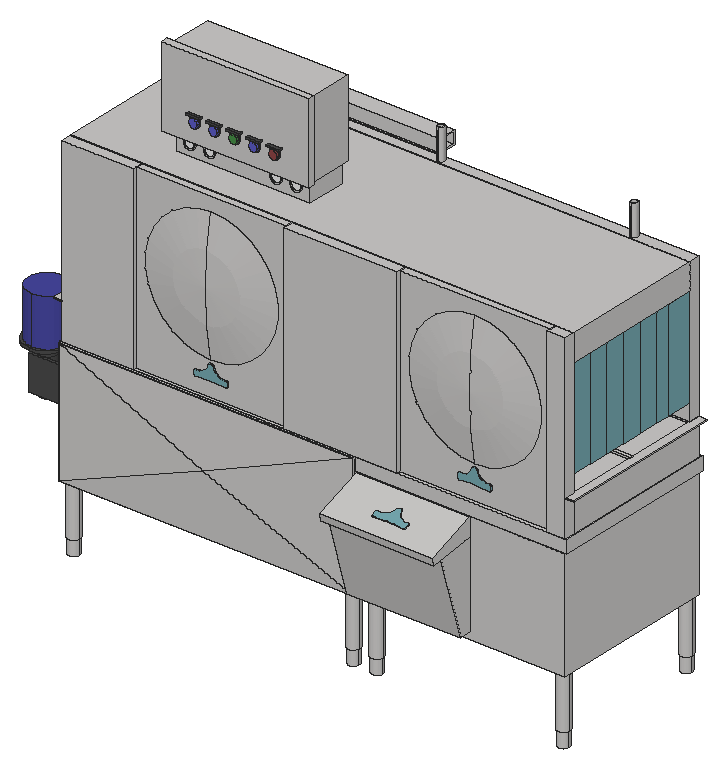
Revit family
Parameters (values of type "208/60/1")
  Width = 6' - 3 1/2"  # constant formula
  Weight in Pounds = 1350
  Watts = 15000 W
  Watermarked By = "http://revitwatermark.com"
  Waste Water Discharge Temperature [instance] = -459.67 °F
  Volts = 208 V
  Ventilation Remarks [instance] = ""
  URL Cutsheet = ""
  URL = "www.stero.com"
  Total Height = 5' - 10 1/2"
  Table Height = 2' - 10"
  Swing Doors [instance] = no
  Status [instance] = ""
  Standard Doors [instance] = not(Swing Doors)  # yes
  Specification by User [instance] = ""
  Specification by Manufacturer = ""
  Single Door Opening [instance] = if(Swing Doors, 2' 0", 1' 10 1/2")  # 1' - 10 1/2"
  Serial Number [instance] = ""
  Seismic Rating [instance] = ""
  SMACNA No [instance] = ""
  Right Ventilation Remarks [instance] = ""
  Right Vent [instance] = no
  Right Exhaust Volume [instance] = if(Right Vent, 200 CFM, 0 CFM)  # 0 CFM
  Right Exhaust Vent Width = 0' - 3 7/8"
  Right Exhaust Vent Text = "Vent, Load End"  # constant formula
  Right Exhaust Vent Depth = 2' - 0 7/8"
  Right Exhaust Static Press = 0.00 in-wg
  Right Exhaust RI Height [instance] = 0' - 0"
  Right Exhaust Item Number [instance] = "-"
  Right Drain [instance] = not(Left Drain)  # yes
  Revision Code [instance] = ""
  Plumbing Remarks [instance] = ""
  Plumbing Connection Type [instance] = ""
  Phase = 1
  Number of Poles [instance] = 1
  NAFEM Spec ID Number [instance] = ""
  Model = "ER-76S"
  Masterspec = ""
  Manufacturer = "Stero"
  Machine Height = 4' - 7 1/2"
  Left Vent [instance] = no
  Left Drain [instance] = no
  Item Number [instance] = "-"
  Installed By [instance] = ""
  Indirect Waste Size = 2"
  Indirect Waste Flow [instance] = 0.00 GPM
  Indirect Waste Connection Type [instance] = ""
  Indirect Waste Connection Height = 0' - 6"
  Hot Water Usage Rack = "0.5 Gal/Rack"
  Hot Water Usage = "118 GPH"
  Hot Water Temperature = 180 °F
  Hot Water Size = 3/4"
  Hot Water RI Height [instance] = 0' - 0"
  Hot Water Minimum Pressure = 20.00 psi
  Hot Water Maximum Pressure = 20.00 psi
  Hot Water Flow = 1.97 GPM
  Hot Water Consumption = 1.97 GPM
  Hot Water Connection Height = 5' - 0"
  HP = "3.58"  # constant formula
  Furnished By [instance] = ""
  Foodservice Equipment Identifier [instance] = yes
  FL Amps = 54.2 A
  Exhaust Volume [instance] = if(Left Vent, 400 CFM, 0 CFM)  # 0 CFM
  Exhaust Vent Width = 0' - 3 7/8"
  Exhaust Vent Text = "Vent, Unload End"  # constant formula
  Exhaust Vent Depth = 2' - 0 7/8"
  Exhaust Static Press = 0.00 in-wg
  Exhaust RI Height [instance] = 0' - 0"
  Electrical Remarks [instance] = ""
  Electric Connection Type [instance] = ""
  Elec Conn RI Height [instance] = 0' - 0"
  Elec Conn Connection Height = 5' - 8 1/2"
  Double Door Opening [instance] = if(Swing Doors, 3' 0", 1' 10 1/2")  # 1' - 10 1/2"
  Description = "Dishwasher, Conveyor"
  Depth = 2' - 1"
  Cycle = 60 Hz
  Conn Conduit = yes
  Cold Water Temperature Recommended [instance] = -459.67 °F
  Cold Water Size = 3/4"
  Cold Water RI Height [instance] = 0' - 0"
  Cold Water Minimum Pressure [instance] = 0.00 psi
  Cold Water Maximum Pressure [instance] = 0.00 psi
  Cold Water Flow [instance] = 0.00 GPM
  Cold Water Consumption [instance] = ""
  Cold Water Connection Height = 5' - 0"
  CSI MasterFormat = "11 48 13"
  Building Plumbing Remarks [instance] = ""
  Building Hot Water Temperature = 140 °F
  Building Hot Water Size = 3/4"
  Building Hot Water RI Height [instance] = 0' - 0"
  Building Hot Water Minimum Pressure = 20.00 psi
  Building Hot Water Maximum Pressure = 20.00 psi
  Building Hot Water Flow [instance] = 0.00 GPM
  Building Hot Water Consumption [instance] = 0.00 GPM
  Building Hot Water Connection Height = 5' - 0"
  Building HW Item Number [instance] = "-"
  Assembly Code = "E1090320"
  Apparent Power = if(Phase = 3, Volts * FL Amps * 1.73, Volts * FL Amps)  # 11273.6 VA
Reference planes (in)
  plane 1: z = 0
  plane 2 "LEFT": x = 2.32772
  plane 3 "BACK": y = -48
  plane 4 "TOP": z = 70.5
  plane 5 "Right of 44 Top": x = 46.32772
  plane 6 "FRONT": y = -73
  plane 7 "Bottom of Machine": z = 10
  plane 8 "Table Height": z = 34
  plane 9 "Top of Machine": z = 55.5
  plane 10 "Panel Top": z = 28.5
  plane 11: z = 12
  plane 12: y = -73.5
  plane 13: y = -47.5
  plane 14: x = 2.07772
  plane 15 "Right of Bottom": x = 46.57772
  plane 16: y = -49.625
  plane 17: y = -71.375
  plane 18 "Door Center": x = 24.32772
  plane 19: x = 13.07772
  plane 20: x = 35.57772
  plane 21 "Top of Opening": z = 51.5
  plane 22: z = 2.25
  plane 23: x = 14.32772
  plane 24: x = 34.32772
  plane 25: x = 13.32772
  plane 26: x = 35.32772
  plane 27 "Front of Lower Panel": y = -66.5
  plane 28: y = -60.5
  plane 29: y = -67
  plane 30 "Back of Panel": y = -60
  plane 31 "Front of Upper Panel": y = -68
  plane 32: x = 13.82772
  plane 33: x = 34.82772
  plane 34: y = -48.0625
  plane 35: y = -72.9375
  plane 36 "Top of Vents": z = 59.5
  plane 37: x = 9.82772
  plane 38: x = 38.82772
  plane 39: y = -45
  plane 40: z = 57.5
  plane 41: y = -43
  plane 42: z = 84.5
  plane 43: x = -7.67228
  plane 44: x = -0.73478
  plane 45: x = -7.54728
  plane 46: x = -4.60978
  plane 47: z = 13.625
  plane 48: z = 8.5
  plane 49 "Drain": y = -51
  plane 50: y = -80
  plane 51: x = 87.82772
  plane 52: x = 80.89022
  plane 53: x = 87.70272
  plane 54: x = 84.76522
  plane 55: x = 52.64022
  plane 56: x = 75.14022
  plane 57: x = 63.57772
  plane 58 "RIGHT": x = 77.82772
  plane 59: x = 2.57772
  plane 60: x = 1.07772
  plane 61: x = 77.57772
  plane 62: x = 78.07772
  plane 63: x = 79.07772
  plane 64: x = 35.32772
  plane 65: x = 74.89022
  plane 66: x = 13.32772
  plane 67: x = 52.89022
  plane 68: x = 22.89022
  plane 69: x = 24.26522
  plane 70: x = 24.39022
  plane 71: x = 25.76522
  plane 72: x = 54.07772
Forms (in)
  Extrusion 1, solid, material "QF_Finishes_Stainless Steel"
    sketch origin (0, 0, 10) x (0, 1, 0) y (-1, 0, 0)
      loop
        line (-47.5, -2.07772) -> (-73, -2.07772) -> (-73, -46.57772) -> (-47.5, -46.57772) -> (-47.5, -2.07772)
    from 0 to 2
  Extrusion 2, solid, material "QF_Finishes_Stainless Steel"
    sketch origin (0, 0, 28.5) x (0, 1, 0) y (-1, 0, 0)
      loop
        line (-48, -2.32772) -> (-73, -2.32772) -> (-73, -46.32772) -> (-48, -46.32772) -> (-48, -2.32772)
    from 0 to -16.5
  Extrusion 3, solid, material "QF_Finishes_Stainless Steel"
    sketch origin (0, 0, 34) x (0, 1, 0) y (-1, 0, 0)
      loop
        line (-48, -2.32772) -> (-71.375, -2.32772) -> (-71.375, -77.82772) -> (-48, -77.82772) -> (-48, -2.32772)
    from -0.25 to -5.5
  Extrusion 4, solid, material "QF_Finishes_Stainless Steel"
    sketch origin (0, 0, 34) x (0, 1, 0) y (-1, 0, 0)
      loop
        line (-60.25, -2.32772) -> (-60.75, -2.32772) -> (-60.75, -77.82772) -> (-60.25, -77.82772) -> (-60.25, -2.32772)
      loop
        line (-48, -2.32772) -> (-49.625, -2.32772) -> (-49.625, -77.82772) -> (-48, -77.82772) -> (-48, -2.32772)
    from 0 to -0.25
  Extrusion 5, solid, material "QF_Finishes_Stainless Steel"
    sketch origin (0, 0, 55.5) x (0, 1, 0) y (-1, 0, 0)
      loop
        line (-49.625, -2.32772) -> (-71.375, -2.32772) -> (-71.375, -77.82772) -> (-49.625, -77.82772) -> (-49.625, -2.32772)
    from 0 to -4
  Extrusion 6, solid, material "QF_Finishes_Stainless Steel"
    sketch origin (0, 0, 55.5) x (0, 1, 0) y (-1, 0, 0)
      loop
        line (-48, -2.32772) -> (-49.625, -2.32772) -> (-49.625, -77.82772) -> (-48, -77.82772) -> (-48, -2.32772)
    from 0 to -21.5
  Extrusion 7, solid, material "QF_Finishes_Stainless Steel"
    sketch origin (0, -73, 0) x (-1, 0, 0) y (0, 0, 1)
      loop
        line (-2.32772, 55.5) -> (-13.07772, 55.5) -> (-13.07772, 28.5) -> (-2.32772, 28.5) -> (-2.32772, 55.5)
    from 0 to 1.625
  Blend 8, solid, material "QF_Finishes_Stainless Steel"
    base sketch origin (-15.01335, -74, 48) x (-1, 0, 0) y (0, 0, 1)
      loop
        line (-17.34107, -19.5) -> (-61.34107, -19.5) -> (-61.34107, -38) -> (-17.34107, -38) -> (-17.34107, -19.5)
    top sketch origin (-15.01335, -74, 48) x (-1, 0, 0) y (0, 0, 1)
      loop
        line (-39.37232, -28.71875) -> (-39.37232, -28.78125) -> (-39.30982, -28.78125) -> (-39.30982, -28.71875) -> (-39.37232, -28.71875)
    from 0.5 to 0
  Extrusion 9, solid, material "QF_Finishes_Stainless Steel"
    sketch origin (0, 0, 10) x (0, 1, 0) y (-1, 0, 0)
      loop
        line (-73, -2.32772) -> (-73.5, -2.32772) -> (-73.5, -46.32772) -> (-73, -46.32772) -> (-73, -2.32772)
    from 0 to 18.5
  Extrusion 10, solid, material "QF_Finishes_Stainless Steel"
    sketch origin (0, -73, 0) x (-1, 0, 0) y (0, 0, 1)
      loop
        line (-35.57772, 55.5) -> (-52.64022, 55.5) -> (-52.64022, 28.5) -> (-35.57772, 28.5) -> (-35.57772, 55.5)
    from 0 to 1.625
  Extrusion 11, solid, material "QF_Finishes_Stainless Steel", visible <- "Standard Doors"
    sketch origin (0, 0, 55.5) x (0, 1, 0) y (-1, 0, 0)
      loop
        line (-71.375, -13.07772) -> (-72.5, -13.07772) -> (-72.5, -35.57772) -> (-71.375, -35.57772) -> (-71.375, -13.07772)
    from 0 to -27
  Revolve 12, solid, material "QF_Finishes_Stainless Steel", visible <- "Standard Doors"
    sketch origin (24.32772, 0, 0) x (0, 1, 0) y (0, 0, 1)
      loop
        line (-72.5, 43.5) -> (-72.5, 53.5)
        arc (-72.5, 53.5) -> (-73.26244, 48.52624) -> (-73.5, 43.5) r 48
        line (-73.5, 43.5) -> (-72.5, 43.5)
      axis (-72.5, 43.5) -> (-73.5, 43.5)
    angle from 0 to 360
  Extrusion 13, solid, material "QF_Finishes_Stainless Steel"
    sketch origin (0, 0, 0) x (1, 0, 0) y (0, 1, 0)
      loop
        circle (3.32772, -49) r 0.8125
    from 0 to 2.25
  Extrusion 14, solid, material "QF_Finishes_Stainless Steel"
    sketch origin (0, 0, 0) x (1, 0, 0) y (0, 1, 0)
      loop
        circle (3.32772, -49) r 0.9375
    from 2.25 to 10
  Extrusion 15, solid, material "QF_Finishes_Stainless Steel"
    sketch origin (48.65544, 0, 0) x (-1, 0, 0) y (0, -1, 0)
      loop
        circle (3.32772, 49) r 0.8125
    from 0 to 2.25
  Extrusion 16, solid, material "QF_Finishes_Stainless Steel"
    sketch origin (48.65544, 0, 0) x (-1, 0, 0) y (0, -1, 0)
      loop
        circle (3.32772, 49) r 0.9375
    from 2.25 to 10
  Extrusion 17, solid, material "QF_Finishes_Stainless Steel"
    sketch origin (0, -121, 0) x (1, 0, 0) y (0, 1, 0)
      loop
        circle (3.32772, 49) r 0.8125
    from 0 to 2.25
  Extrusion 18, solid, material "QF_Finishes_Stainless Steel"
    sketch origin (0, -121, 0) x (1, 0, 0) y (0, 1, 0)
      loop
        circle (3.32772, 49) r 0.9375
    from 2.25 to 10
  Extrusion 19, solid, material "QF_Finishes_Stainless Steel"
    sketch origin (48.65544, -121, 0) x (-1, 0, 0) y (0, -1, 0)
      loop
        circle (3.32772, -49) r 0.8125
    from 0 to 2.25
  Extrusion 20, solid, material "QF_Finishes_Stainless Steel"
    sketch origin (48.65544, -121, 0) x (-1, 0, 0) y (0, -1, 0)
      loop
        circle (3.32772, -49) r 0.9375
    from 2.25 to 10
  Extrusion 21, solid, material "QF_Finishes_Stainless Steel"
    sketch origin (0, 0, 55.5) x (0, 1, 0) y (-1, 0, 0)
      loop
        line (-60.5, -14.32772) -> (-66.5, -14.32772) -> (-66.5, -34.32772) -> (-60.5, -34.32772) -> (-60.5, -14.32772)
    from 0 to 3.5
  Extrusion 22, solid, material "QF_Finishes_Stainless Steel"
    sketch origin (0, 0, 55.5) x (0, 1, 0) y (-1, 0, 0)
      loop
        line (-60, -13.82772) -> (-67, -13.82772) -> (-67, -34.82772) -> (-60, -34.82772) -> (-60, -13.82772)
    from 3 to 14.5
  Extrusion 23, solid, material "QF_Finishes_Stainless Steel"
    sketch origin (0, 0, 55.5) x (0, 1, 0) y (-1, 0, 0)
      loop
        line (-67, -13.32772) -> (-68, -13.32772) -> (-68, -35.32772) -> (-67, -35.32772) -> (-67, -13.32772)
    from 3 to 15
  Extrusion 24, solid, material "QF_Finishes_Stainless Steel"
    sketch origin (0, -66.5, 0) x (-1, 0, 0) y (0, 0, 1)
      loop
        circle (-16.32772, 57.25) r 0.75
      loop
        circle (-16.32772, 57.25) r 0.875
    from 0 to -0.125
  Extrusion 25, solid, material "QF_Finishes_White"
    sketch origin (0, -66.5, 0) x (-1, 0, 0) y (0, 0, 1)
      loop
        circle (-16.32772, 57.25) r 0.75
    from 0 to -0.0625
  Extrusion 26, solid, material "QF_Finishes_Stainless Steel"
    sketch origin (48.65544, -66.5, 0) x (1, 0, 0) y (0, 0, -1)
      loop
        circle (-16.32772, -57.25) r 0.75
      loop
        circle (-16.32772, -57.25) r 0.875
    from 0 to -0.125
  Extrusion 27, solid, material "QF_Finishes_White"
    sketch origin (48.65544, -66.5, 0) x (1, 0, 0) y (0, 0, -1)
      loop
        circle (-16.32772, -57.25) r 0.75
    from 0 to -0.0625
  Extrusion 28, solid, material "QF_Finishes_Black"
    sketch origin (1.5, -68, 0) x (-1, 0, 0) y (0, 0, 1)
      loop
        line (-23.82772, 62.5) -> (-23.82772, 62.25) -> (-21.82772, 62.25) -> (-21.82772, 62.5) -> (-23.82772, 62.5)
      loop
        line (-20.82772, 62.5) -> (-20.82772, 62.25) -> (-18.82772, 62.25) -> (-18.82772, 62.5) -> (-20.82772, 62.5)
      loop
        line (-24.82772, 62.5) -> (-26.82772, 62.5) -> (-26.82772, 62.25) -> (-24.82772, 62.25) -> (-24.82772, 62.5)
      loop
        line (-27.82772, 62.5) -> (-29.82772, 62.5) -> (-29.82772, 62.25) -> (-27.82772, 62.25) -> (-27.82772, 62.5)
      loop
        line (-17.82772, 62.5) -> (-17.82772, 62.25) -> (-15.82772, 62.25) -> (-15.82772, 62.5) -> (-17.82772, 62.5)
    from 0 to -0.5
  Extrusion 29, solid, material "QF_Finishes_Navy Blue"
    sketch origin (1.5, -68, 0) x (-1, 0, 0) y (0, 0, 1)
      loop
        circle (-19.82772, 61.375) r 0.625
    from -0.125 to -0.375
  Extrusion 30, solid, material "QF_Finishes_LED Green"
    sketch origin (4.5, -68, 0) x (-1, 0, 0) y (0, 0, 1)
      loop
        circle (-19.82772, 61.375) r 0.625
    from -0.125 to -0.375
  Extrusion 31, solid, material "QF_Finishes_Navy Blue"
    sketch origin (7.5, -68, 0) x (-1, 0, 0) y (0, 0, 1)
      loop
        circle (-19.82772, 61.375) r 0.625
    from -0.125 to -0.375
  Extrusion 32, solid, material "QF_Finishes_LED Red"
    sketch origin (10.5, -68, 0) x (-1, 0, 0) y (0, 0, 1)
      loop
        circle (-19.82772, 61.375) r 0.625
    from -0.125 to -0.375
  Extrusion 33, solid, material "QF_Finishes_Black"
    sketch origin (1.5, -68, 0) x (-1, 0, 0) y (0, 0, 1)
      loop
        arc (-20.57772, 61.375) -> (-19.82772, 60.625) -> (-19.07772, 61.375) r 0.75
        line (-19.07772, 61.375) -> (-19.07772, 62.25) -> (-20.57772, 62.25) -> (-20.57772, 61.375)
      loop
        arc (-23.57772, 61.375) -> (-22.82772, 60.625) -> (-22.07772, 61.375) r 0.75
        line (-22.07772, 61.375) -> (-22.07772, 62.25) -> (-23.57772, 62.25) -> (-23.57772, 61.375)
      loop
        arc (-26.57772, 61.375) -> (-25.82772, 60.625) -> (-25.07772, 61.375) r 0.75
        line (-25.07772, 61.375) -> (-25.07772, 62.25) -> (-26.57772, 62.25) -> (-26.57772, 61.375)
      loop
        arc (-29.57772, 61.375) -> (-28.82772, 60.625) -> (-28.07772, 61.375) r 0.75
        line (-28.07772, 61.375) -> (-28.07772, 62.25) -> (-29.57772, 62.25) -> (-29.57772, 61.375)
      loop
        arc (-17.57772, 61.375) -> (-16.82772, 60.625) -> (-16.07772, 61.375) r 0.75
        line (-16.07772, 61.375) -> (-16.07772, 62.25) -> (-17.57772, 62.25) -> (-17.57772, 61.375)
    from 0 to -0.125
  Extrusion 34, solid, material "QF_Finishes_Light Blue", visible <- "Standard Doors"
    sketch origin (0, -73, 0) x (-1, 0, 0) y (0, 0, 1)
      loop
        line (-23.71645, 30.65632) -> (-22.08461, 30.57309)
        arc (-22.08461, 30.57309) -> (-21.90443, 30.64773) -> (-21.82979, 30.82792) r 0.25483
        line (-21.82979, 30.82792) -> (-21.82979, 31.31285)
        arc (-21.82979, 31.31285) -> (-21.90343, 31.49062) -> (-22.08121, 31.56426) r 0.25142
        arc (-22.08121, 31.56426) -> (-23.22593, 31.7803) -> (-23.90311, 32.72819) r 1.56264
        arc (-23.90311, 32.72819) -> (-24.31726, 33.06213) -> (-24.74741, 32.74907) r 0.43733
        arc (-24.74741, 32.74907) -> (-25.42049, 31.78611) -> (-26.57423, 31.56426) r 1.56264
        arc (-26.57423, 31.56426) -> (-26.75201, 31.49062) -> (-26.82565, 31.31285) r 0.25142
        line (-26.82565, 31.31285) -> (-26.82565, 30.82792)
        arc (-26.82565, 30.82792) -> (-26.75101, 30.64773) -> (-26.57082, 30.57309) r 0.25483
        line (-26.57082, 30.57309) -> (-24.93898, 30.65632)
        arc (-24.93898, 30.65632) -> (-24.32772, 30.6719) -> (-23.71645, 30.65632) r 12
    from 0.5 to 0.4375
  Extrusion 35, solid, material "QF_Finishes_Stainless Steel"
    sketch origin (0, 0, 55.5) x (0, 1, 0) y (-1, 0, 0)
      loop
        circle (-48.75, -11.32772) r 0.375
      loop
        circle (-48.75, -11.32772) r 0.5
    from 0 to 4.5
  Extrusion 36, solid, material "QF_Finishes_Stainless Steel"
    sketch origin (2.32772, 0, 0) x (0, 1, 0) y (0, 0, 1)
      loop
        line (-45, 57.5) -> (-47.75, 57.5) -> (-47.75, 55.5) -> (-45, 55.5) -> (-45, 57.5)
      loop
        line (-45.125, 57.375) -> (-47.625, 57.375) -> (-47.625, 55.625) -> (-45.125, 55.625) -> (-45.125, 57.375)
    from 7.5 to 36.5
  Extrusion 37, solid, material "QF_Finishes_Stainless Steel"
    sketch origin (2.32772, 0, 0) x (0, 1, 0) y (0, 0, 1)
      loop
        line (-47.75, 55.5) -> (-47.75, 55.625) -> (-48, 55.625) -> (-48, 55.5) -> (-47.75, 55.5)
    from 7.5 to 36.5
  Extrusion 38, solid, material "QF_Finishes_Stainless Steel"
    sketch origin (0, -60, 0) x (-1, 0, 0) y (0, 0, 1)
      loop
        circle (-34.32772, 68.5) r 0.25
    from 0 to 0.0625
  Extrusion 39, solid, material "QF_Finishes_Stainless Steel"
    sketch origin (0, -1, 10) x (0, 1, 0) y (-1, 0, 0)
      loop
        circle (-50, -30.32772) r 1
      loop
        circle (-50, -30.32772) r 1.125
    from 0 to -4
  Extrusion 40, solid, material "QF_Finishes_Clearance", detail levels coarse
    sketch origin (0, 0, 0) x (1, 0, 0) y (0, 1, 0)
      loop
        line (1.07772, -47.5) -> (9.82772, -47.5) -> (9.82772, -45) -> (38.82772, -45) -> (38.82772, -47.5) -> (79.07772, -47.5) -> (79.07772, -43) -> (1.07772, -43) -> (1.07772, -47.5)
    from 0 to 70.5
  Extrusion 41, solid, material "QF_Finishes_Clearance", visible <- "Standard Doors", detail levels coarse
    sketch origin (0, -73, 0) x (-1, 0, 0) y (0, 0, 1)
      loop
        line (-13.07772, 84.5) -> (-35.57772, 84.5) -> (-35.57772, 55.5) -> (-13.07772, 55.5) -> (-13.07772, 84.5)
    from 0 to 1.625
  Extrusion 42, solid, material "QF_Finishes_Stainless Steel"
    sketch origin (3, -66.5, 0) x (-1, 0, 0) y (0, 0, 1)
      loop
        circle (-16.32772, 57.25) r 0.75
      loop
        circle (-16.32772, 57.25) r 0.875
    from 0 to -0.125
  Extrusion 43, solid, material "QF_Finishes_White"
    sketch origin (3, -66.5, 0) x (-1, 0, 0) y (0, 0, 1)
      loop
        circle (-16.32772, 57.25) r 0.75
    from 0 to -0.0625
  Extrusion 44, solid, material "QF_Finishes_Stainless Steel"
    sketch origin (45.65544, -66.5, 0) x (1, 0, 0) y (0, 0, -1)
      loop
        circle (-16.32772, -57.25) r 0.75
      loop
        circle (-16.32772, -57.25) r 0.875
    from 0 to -0.125
  Extrusion 45, solid, material "QF_Finishes_White"
    sketch origin (45.65544, -66.5, 0) x (1, 0, 0) y (0, 0, -1)
      loop
        circle (-16.32772, -57.25) r 0.75
    from 0 to -0.0625
  Extrusion 46, solid, material "QF_Finishes_Stainless Steel", visible <- "Left Vent"
    sketch origin (2.32772, 0, 0) x (0, 1, 0) y (0, 0, 1)
      loop
        line (-73, 55.5) -> (-73, 39.125) -> (-71.375, 37.5) -> (-71.375, 37.67678) -> (-72.875, 39.17678) -> (-72.875, 55.375) -> (-48.125, 55.375) -> (-48.125, 50.61428) -> (-49.625, 49.11428) -> (-49.625, 48.9375) -> (-48, 50.5625) -> (-48, 55.5) -> (-73, 55.5)
    from 0 to -9.875
  Extrusion 47, solid, material "QF_Finishes_Stainless Steel", visible <- "Left Vent"
    sketch origin (-7.67228, 0, 0) x (0, 1, 0) y (0, 0, 1)
      loop
        line (-71.375, 37.5) -> (-71.375, 51.5) -> (-49.625, 51.5) -> (-49.625, 48.9375) -> (-48, 50.5625) -> (-48, 55.5) -> (-73, 55.5) -> (-73, 39.125) -> (-71.375, 37.5)
    from 0 to 0.125
  Extrusion 48, solid, material "QF_Finishes_Stainless Steel", visible <- "Left Vent"
    sketch origin (-0.25, 0, 55.5) x (0, 1, 0) y (-1, 0, 0)
      loop
        line (-48.0625, 4.35978) -> (-72.9375, 4.35978) -> (-72.9375, 0.48478) -> (-48.0625, 0.48478) -> (-48.0625, 4.35978)
      loop
        line (-48.1875, 4.23478) -> (-72.8125, 4.23478) -> (-72.8125, 0.60978) -> (-48.1875, 0.60978) -> (-48.1875, 4.23478)
    from 0 to 4
  Extrusion 49, solid, material "QF_Finishes_Clearance", visible <- "Left Vent", detail levels coarse
    sketch origin (-0.25, 0, 0) x (1, 0, 0) y (0, 1, 0)
      loop
        line (-7.42228, -43) -> (-7.42228, -47.5) -> (1.32772, -47.5) -> (1.32772, -43) -> (-7.42228, -43)
    from 0 to 70.5
  Extrusion 50, solid, material "QF_Finishes_Stainless Steel"
    sketch origin (0, 0, 26.5) x (0, 1, 0) y (-1, 0, 0)
      loop
        line (-47.5, -2.07772) -> (-73, -2.07772) -> (-73, -78.07772) -> (-47.5, -78.07772) -> (-47.5, -2.07772)
    from 0 to 2
  Extrusion 51, solid, material "QF_Finishes_Light Blue"
    sketch origin (48.65544, 0, 51.5) x (0, 1, 0) y (-1, 0, 0)
      loop
        line (-49.625, 46.32772) -> (-53.625, 46.32772) -> (-53.625, 46.20272) -> (-49.625, 46.20272) -> (-49.625, 46.32772)
      loop
        line (-53.75, 46.32772) -> (-55.75, 46.32772) -> (-55.75, 46.20272) -> (-53.75, 46.20272) -> (-53.75, 46.32772)
      loop
        line (-55.875, 46.32772) -> (-58.875, 46.32772) -> (-58.875, 46.20272) -> (-55.875, 46.20272) -> (-55.875, 46.32772)
      loop
        line (-59, 46.32772) -> (-62, 46.32772) -> (-62, 46.20272) -> (-59, 46.20272) -> (-59, 46.32772)
      loop
        line (-62.125, 46.32772) -> (-65.125, 46.32772) -> (-65.125, 46.20272) -> (-62.125, 46.20272) -> (-62.125, 46.32772)
      loop
        line (-65.25, 46.32772) -> (-68.25, 46.32772) -> (-68.25, 46.20272) -> (-65.25, 46.20272) -> (-65.25, 46.32772)
      loop
        line (-68.375, 46.32772) -> (-71.375, 46.32772) -> (-71.375, 46.20272) -> (-68.375, 46.20272) -> (-68.375, 46.32772)
    from 0 to -15
  Extrusion 52, solid, material "QF_Finishes_Navy Blue"
    sketch origin (-1.5, -68, 0) x (-1, 0, 0) y (0, 0, 1)
      loop
        circle (-19.82772, 61.375) r 0.625
    from -0.125 to -0.375
  Extrusion 53, solid, material "QF_Finishes_Stainless Steel"
    sketch origin (-30, 0, 55.5) x (0, 1, 0) y (-1, 0, 0)
      loop
        circle (-48.75, -69.82772) r 0.375
      loop
        circle (-48.75, -69.82772) r 0.5
    from 0 to 4.5
  Extrusion 54, solid, material "QF_Finishes_Stainless Steel"
    sketch origin (3.25, 0, 55.5) x (0, 1, 0) y (-1, 0, 0)
      loop
        circle (-48.75, -65.57772) r 0.375
      loop
        circle (-48.75, -65.57772) r 0.5
    from 0 to 4.5
  Extrusion 55, solid, material "QF_Finishes_Stainless Steel"
    sketch origin (32.6875, 0, 10) x (0, 1, 0) y (-1, 0, 0)
      loop
        circle (-51, -16.76522) r 1
      loop
        circle (-51, -16.76522) r 1.125
    from -1.5 to -4
  Extrusion 56, solid, material "QF_Finishes_Stainless Steel", visible <- "Left Drain"
    sketch origin (53, 0, 0) x (1, 0, 0) y (0, 1, 0)
      loop
        circle (-3.54728, -51) r 1
    from 6 to 6.25
  Extrusion 57, solid, material "QF_Finishes_Stainless Steel", visible <- "Right Drain"
    sketch origin (0, -1, 0) x (1, 0, 0) y (0, 1, 0)
      loop
        circle (30.32772, -50) r 1
    from 6 to 6.25
  Extrusion 58, solid, material "QF_Finishes_Stainless Steel", visible <- "Right Vent"
    sketch origin (77.82772, 0, 0) x (0, -1, 0) y (0, 0, 1)
      loop
        line (73, 55.5) -> (48, 55.5) -> (48, 50.5625) -> (49.625, 48.9375) -> (49.625, 49.11428) -> (48.125, 50.61428) -> (48.125, 55.375) -> (72.875, 55.375) -> (72.875, 39.17678) -> (71.375, 37.67678) -> (71.375, 37.5) -> (73, 39.125) -> (73, 55.5)
    from 0 to -9.875
  Extrusion 59, solid, material "QF_Finishes_Stainless Steel", visible <- "Right Vent"
    sketch origin (87.82772, 0, 0) x (0, 1, 0) y (0, 0, 1)
      loop
        line (-71.375, 37.5) -> (-71.375, 51.5) -> (-49.625, 51.5) -> (-49.625, 48.9375) -> (-48, 50.5625) -> (-48, 55.5) -> (-73, 55.5) -> (-73, 39.125) -> (-71.375, 37.5)
    from 0 to -0.125
  Extrusion 60, solid, material "QF_Finishes_Stainless Steel", visible <- "Right Vent"
    sketch origin (80.40544, 0, 55.5) x (0, 1, 0) y (-1, 0, 0)
      loop
        line (-48.0625, -4.35978) -> (-48.0625, -0.48478) -> (-72.9375, -0.48478) -> (-72.9375, -4.35978) -> (-48.0625, -4.35978)
      loop
        line (-48.1875, -4.23478) -> (-48.1875, -0.60978) -> (-72.8125, -0.60978) -> (-72.8125, -4.23478) -> (-48.1875, -4.23478)
    from 0 to 4
  Extrusion 61, solid, material "QF_Finishes_Clearance", visible <- "Right Vent", detail levels coarse
    sketch origin (31.75, 0, 0) x (1, 0, 0) y (0, 1, 0)
      loop
        line (47.32772, -43) -> (47.32772, -47.5) -> (56.07772, -47.5) -> (56.07772, -43) -> (47.32772, -43)
    from 0 to 70.5
  Extrusion 62, solid, material "QF_Finishes_Black"
    sketch origin (5.65544, -73, 0) x (1, 0, 0) y (0, 0, -1)
      loop
        line (-3.57772, -12) -> (-3.57772, -10.9375) -> (-4.70272, -10.9375) -> (-4.70272, -23.9375) -> (-3.32772, -23.9375) -> (-3.32772, -12) -> (-3.57772, -12)
    from 1.8125 to 7.8125
  Extrusion 63, solid, material "QF_Finishes_Black"
    sketch origin (5.65544, 0, 10) x (0, 1, 0) y (-1, 0, 0)
      loop
        arc (-66.875, 9.32772) -> (-68.1875, 8.01522) -> (-69.5, 9.32772) r 1.3125
        line (-69.5, 9.32772) -> (-69.5, 4.95272) -> (-66.875, 4.95272) -> (-66.875, 9.32772)
      loop
        line (-69.75, 10.95272) -> (-69.75, 4.70272) -> (-66.625, 4.70272) -> (-66.625, 10.95272) -> (-69.75, 10.95272)
    from 7.6875 to 12.9375
  Extrusion 64, solid, material "QF_Finishes_Black"
    sketch origin (5.65544, 0, 10) x (0, 1, 0) y (-1, 0, 0)
      loop
        circle (-68.1875, 9.32772) r 1.0625
    from 7.1875 to 7.6875
  Extrusion 65, solid, material "QF_Finishes_Black"
    sketch origin (5.65544, 0, 10) x (0, 1, 0) y (-1, 0, 0)
      loop
        circle (-68.1875, 9.32772) r 1.3125
    from 12.9375 to 13.4375
  Blend 66, solid, material "QF_Finishes_Black"
    base sketch origin (5.65544, 0, 10) x (0, 1, 0) y (-1, 0, 0)
      loop
        circle (-68.1875, 9.32772) r 1.3125
    top sketch origin (5.65544, 0, 10) x (0, 1, 0) y (-1, 0, 0)
      loop
        circle (-68.1875, 9.32772) r 2.0625
    from 13.4375 to 14.4375
  Extrusion 67, solid, material "QF_Finishes_Black"
    sketch origin (5.65544, 0, 10) x (0, 1, 0) y (-1, 0, 0)
      loop
        circle (-68.1875, 9.32772) r 3.25
    from 14.4375 to 14.8125
  Extrusion 68, solid, material "QF_Finishes_Blue"
    sketch origin (5.65544, 0, 10) x (0, 1, 0) y (-1, 0, 0)
      loop
        circle (-68.1875, 9.32772) r 2.875
    from 14.8125 to 21.9375
  Extrusion 69, solid, material "QF_Finishes_Black"
    sketch origin (5.65544, -73, 0) x (1, 0, 0) y (0, 0, -1)
      loop
        line (-3.32772, -33.1875) -> (-3.32772, -31.6875) -> (-8.57772, -31.6875) -> (-8.57772, -33.1875) -> (-3.32772, -33.1875)
      loop
        circle (-7.32772, -32.4375) r 0.375
    from 12.3125 to 12.6875
  Extrusion 70, solid, material "QF_Finishes_Black"
    sketch origin (5.65544, -73, 0) x (1, 0, 0) y (0, 0, -1)
      loop
        line (-3.32772, -12) -> (-3.57772, -12) -> (-3.57772, -8.4375) -> (-5.82772, -8.4375) -> (-5.82772, -12.4375) -> (-3.32772, -12.4375) -> (-3.32772, -12)
    from 7 to 18
  Extrusion 71, solid, material "QF_Finishes_Black"
    sketch origin (5.65544, -73, 0) x (1, 0, 0) y (0, 0, -1)
      loop
        line (-5.82772, -12.125) -> (-5.82772, -8.75) -> (-6.07772, -8.75)
        arc (-6.07772, -8.75) -> (-6.2545, -8.82322) -> (-6.32772, -9) r 0.25
        line (-6.32772, -9) -> (-6.32772, -9.3125)
        arc (-6.32772, -9.3125) -> (-6.43755, -9.57767) -> (-6.70272, -9.6875) r 0.375
        line (-6.70272, -9.6875) -> (-7.32772, -9.6875)
        arc (-7.32772, -9.6875) -> (-8.07772, -10.4375) -> (-7.32772, -11.1875) r 0.75
        line (-7.32772, -11.1875) -> (-6.70272, -11.1875)
        arc (-6.70272, -11.1875) -> (-6.43755, -11.29733) -> (-6.32772, -11.5625) r 0.375
        line (-6.32772, -11.5625) -> (-6.32772, -11.875)
        arc (-6.32772, -11.875) -> (-6.2545, -12.05178) -> (-6.07772, -12.125) r 0.25
        line (-6.07772, -12.125) -> (-5.82772, -12.125)
      loop
        circle (-7.32772, -10.4375) r 0.5
    from 9.375 to 9.5
  Extrusion 72, solid, material "QF_Finishes_Black"
    sketch origin (5.65544, -66.875, 0) x (1, 0, 0) y (0, 0, -1)
      loop
        line (-5.82772, -12.125) -> (-5.82772, -8.75) -> (-6.07772, -8.75)
        arc (-6.07772, -8.75) -> (-6.2545, -8.82322) -> (-6.32772, -9) r 0.25
        line (-6.32772, -9) -> (-6.32772, -9.3125)
        arc (-6.32772, -9.3125) -> (-6.43755, -9.57767) -> (-6.70272, -9.6875) r 0.375
        line (-6.70272, -9.6875) -> (-7.32772, -9.6875)
        arc (-7.32772, -9.6875) -> (-8.07772, -10.4375) -> (-7.32772, -11.1875) r 0.75
        line (-7.32772, -11.1875) -> (-6.70272, -11.1875)
        arc (-6.70272, -11.1875) -> (-6.43755, -11.29733) -> (-6.32772, -11.5625) r 0.375
        line (-6.32772, -11.5625) -> (-6.32772, -11.875)
        arc (-6.32772, -11.875) -> (-6.2545, -12.05178) -> (-6.07772, -12.125) r 0.25
        line (-6.07772, -12.125) -> (-5.82772, -12.125)
      loop
        circle (-7.32772, -10.4375) r 0.5
    from 9.375 to 9.5
  Extrusion 73, solid, material "QF_Finishes_Stainless Steel"
    sketch origin (5.65544, -73, 0) x (1, 0, 0) y (0, 0, -1)
      loop
        circle (-7.32772, -32.4375) r 0.375
      loop
        arc (-8.06584, -32.57045) -> (-7.32772, -33.1875) -> (-6.5896, -32.57045) r 0.75
        line (-6.5896, -32.57045) -> (-5.89022, -28.6875) -> (-8.76522, -28.6875) -> (-8.06584, -32.57045)
    from 11.25 to 11.375
  Extrusion 74, solid, material "QF_Finishes_Stainless Steel"
    sketch origin (5.65544, -48, 0) x (1, 0, 0) y (0, 0, 1)
      loop
        circle (-7.32772, 32.4375) r 0.375
      loop
        line (-8.06584, 32.57045) -> (-8.76522, 28.6875) -> (-5.89022, 28.6875) -> (-6.5896, 32.57045)
        arc (-6.5896, 32.57045) -> (-7.32772, 33.1875) -> (-8.06584, 32.57045) r 0.75
    from 11.25 to 11.375
  Extrusion 75, solid, material "QF_Finishes_Stainless Steel"
    sketch origin (5.65544, -73, 0) x (1, 0, 0) y (0, 0, -1)
      loop
        circle (-7.32772, -32.4375) r 0.375
    from 10.75 to 14.25
  Blend 76, solid, material "QF_Finishes_Stainless Steel"
    base sketch origin (5.65544, 0, 34) x (0, 1, 0) y (-1, 0, 0)
      loop
        line (-58.25, 4.89022) -> (-58.25, 9.76522) -> (-62.75, 9.76522) -> (-62.75, 4.89022) -> (-58.25, 4.89022)
    top sketch origin (5.65544, 0, 34) x (0, 1, 0) y (-1, 0, 0)
      loop
        line (-59.25, 5.89022) -> (-59.25, 8.76522) -> (-61.75, 8.76522) -> (-61.75, 5.89022) -> (-59.25, 5.89022)
    from -14.0625 to -5.3125
  Blend 77, solid, material "QF_Finishes_Stainless Steel"
    base sketch origin (5.65544, 0, 25.25) x (0, 1, 0) y (-1, 0, 0)
      loop
        line (-57.5, 4.14022) -> (-57.5, 10.51522) -> (-63.5, 10.51522) -> (-63.5, 4.14022) -> (-57.5, 4.14022)
    top sketch origin (5.65544, 0, 25.25) x (0, 1, 0) y (-1, 0, 0)
      loop
        line (-58.5, 5.14022) -> (-58.5, 9.51522) -> (-62.5, 9.51522) -> (-62.5, 5.14022) -> (-58.5, 5.14022)
    from -15.5625 to -5.3125
  Extrusion 78, solid, material "QF_Finishes_Stainless Steel"
    sketch origin (5.65544, -73, -22) x (1, 0, 0) y (0, 0, -1)
      loop
        circle (-7.32772, -32.4375) r 0.5
    from 9 to 16
  Extrusion 79, solid, material "QF_Finishes_Stainless Steel", visible <- "Standard Doors"
    sketch origin (81.34294, 0, 55.5) x (0, 1, 0) y (-1, 0, 0)
      loop
        line (-71.375, 6.20272) -> (-71.375, 28.70272) -> (-72.5, 28.70272) -> (-72.5, 6.20272) -> (-71.375, 6.20272)
    from 0 to -27
  Extrusion 80, solid, material "QF_Finishes_Clearance", visible <- "Standard Doors", detail levels coarse
    sketch origin (81.34294, -73, 0) x (1, 0, 0) y (0, 0, -1)
      loop
        line (-6.20272, -84.5) -> (-6.20272, -55.5) -> (-28.70272, -55.5) -> (-28.70272, -84.5) -> (-6.20272, -84.5)
    from 0.5 to 1.625
  Extrusion 81, solid, material "QF_Finishes_Stainless Steel"
    sketch origin (48.65544, -73, 0) x (1, 0, 0) y (0, 0, -1)
      loop
        line (29.17228, -26.5) -> (29.17228, -10) -> (-2.07772, -10) -> (-2.07772, -26.5) -> (29.17228, -26.5)
    from 0 to 25
  Extrusion 82, solid, material "QF_Finishes_Stainless Steel"
    sketch origin (59.26522, 0, 0) x (0, 1, 0) y (0, 0, -1)
      loop
        line (-73, -10.9375) -> (-74.8125, -10.9375) -> (-78.50369, -23.01085) -> (-73, -23.75) -> (-73, -10.9375)
    from -4.3125 to 12.6875
  Extrusion 83, solid, material "QF_Finishes_Stainless Steel"
    sketch origin (59.26522, 0, 0) x (0, 1, 0) y (0, 0, -1)
      loop
        line (-73, -23.75) -> (-79.75188, -22.84321) -> (-80, -23.88971) -> (-73, -26.4375) -> (-73, -23.75)
    from -4.3125 to 12.6875
  Extrusion 84, solid, material "QF_Finishes_Stainless Steel"
    sketch origin (67.59294, -73, 0) x (1, 0, 0) y (0, 0, -1)
      loop
        line (10.23478, -55.5) -> (10.23478, -28.5) -> (7.54728, -28.5) -> (7.54728, -55.5) -> (10.23478, -55.5)
    from 0 to 1.625
  Extrusion 85, solid, material "QF_Finishes_Stainless Steel"
    sketch origin (0, 0, 34) x (0, 1, 0) y (-1, 0, 0)
      loop
        line (-48, -2.32772) -> (-48, -1.07772) -> (-73, -1.07772) -> (-73, -2.32772) -> (-48, -2.32772)
    from 0 to -0.125
  Extrusion 86, solid, material "QF_Finishes_Stainless Steel"
    sketch origin (21.5, 0, 34) x (0, 1, 0) y (-1, 0, 0)
      loop
        line (-48, -56.32772) -> (-73, -56.32772) -> (-73, -57.57772) -> (-48, -57.57772) -> (-48, -56.32772)
    from 0 to -0.125
  Extrusion 87, solid, material "QF_Finishes_Light Blue"
    sketch origin (21.5, 0, 51.5) x (0, 1, 0) y (-1, 0, 0)
      loop
        line (-49.625, -56.32772) -> (-49.625, -56.20272) -> (-53.625, -56.20272) -> (-53.625, -56.32772) -> (-49.625, -56.32772)
      loop
        line (-53.75, -56.32772) -> (-53.75, -56.20272) -> (-55.75, -56.20272) -> (-55.75, -56.32772) -> (-53.75, -56.32772)
      loop
        line (-55.875, -56.32772) -> (-55.875, -56.20272) -> (-58.875, -56.20272) -> (-58.875, -56.32772) -> (-55.875, -56.32772)
      loop
        line (-59, -56.32772) -> (-59, -56.20272) -> (-62, -56.20272) -> (-62, -56.32772) -> (-59, -56.32772)
      loop
        line (-62.125, -56.32772) -> (-62.125, -56.20272) -> (-65.125, -56.20272) -> (-65.125, -56.32772) -> (-62.125, -56.32772)
      loop
        line (-65.25, -56.32772) -> (-65.25, -56.20272) -> (-68.25, -56.20272) -> (-68.25, -56.32772) -> (-65.25, -56.32772)
      loop
        line (-68.375, -56.32772) -> (-68.375, -56.20272) -> (-71.375, -56.20272) -> (-71.375, -56.32772) -> (-68.375, -56.32772)
    from 0 to -15
  Extrusion 88, void
    sketch origin (0, 0, 55.5) x (0, 1, 0) y (-1, 0, 0)
      loop
        line (-48.1875, 4.48478) -> (-72.8125, 4.48478) -> (-72.8125, 0.85978) -> (-48.1875, 0.85978) -> (-48.1875, 4.48478)
    from 0 to -0.125
  Extrusion 89, void
    sketch origin (10, 0, 55.5) x (0, 1, 0) y (-1, 0, 0)
      loop
        line (-48.1875, -74.64022) -> (-48.1875, -71.01522) -> (-72.8125, -71.01522) -> (-72.8125, -74.64022) -> (-48.1875, -74.64022)
    from 0 to -0.125
  Extrusion 90, solid, material "QF_Finishes_Light Blue"
    sketch origin (78.49919, -106.64897, 14.72237) x (1, 0, 0) y (0, -0.939693, -0.34202)
      loop
        arc (-22.80985, -30.65632) -> (-23.42112, -30.6719) -> (-24.03238, -30.65632) r 12
        line (-24.03238, -30.65632) -> (-25.66422, -30.57309)
        arc (-25.66422, -30.57309) -> (-25.84441, -30.64773) -> (-25.91905, -30.82792) r 0.25483
        line (-25.91905, -30.82792) -> (-25.91905, -31.31285)
        arc (-25.91905, -31.31285) -> (-25.84541, -31.49062) -> (-25.66763, -31.56426) r 0.25142
        arc (-25.66763, -31.56426) -> (-24.51389, -31.78611) -> (-23.84081, -32.74907) r 1.56264
        arc (-23.84081, -32.74907) -> (-23.41066, -33.06213) -> (-22.99651, -32.72819) r 0.43733
        arc (-22.99651, -32.72819) -> (-22.31933, -31.7803) -> (-21.1746, -31.56426) r 1.56264
        arc (-21.1746, -31.56426) -> (-20.99683, -31.49062) -> (-20.92319, -31.31285) r 0.25142
        line (-20.92319, -31.31285) -> (-20.92319, -30.82792)
        arc (-20.92319, -30.82792) -> (-20.99783, -30.64773) -> (-21.17801, -30.57309) r 0.25483
        line (-21.17801, -30.57309) -> (-22.80985, -30.65632)
    from 0.5 to 0.4375
  Extrusion 91, solid, material "QF_Finishes_Stainless Steel"
    sketch origin (52.15544, 0, 0) x (-1, 0, 0) y (0, -1, 0)
      loop
        circle (3.32772, 49) r 0.8125
    from 0 to 2.25
  Extrusion 92, solid, material "QF_Finishes_Stainless Steel"
    sketch origin (52.15544, 0, 0) x (-1, 0, 0) y (0, -1, 0)
      loop
        circle (3.32772, 49) r 0.9375
    from 2.25 to 10
  Extrusion 93, solid, material "QF_Finishes_Stainless Steel"
    sketch origin (52.15544, -121, 0) x (-1, 0, 0) y (0, -1, 0)
      loop
        circle (3.32772, -49) r 0.8125
    from 0 to 2.25
  Extrusion 94, solid, material "QF_Finishes_Stainless Steel"
    sketch origin (52.15544, -121, 0) x (-1, 0, 0) y (0, -1, 0)
      loop
        circle (3.32772, -49) r 0.9375
    from 2.25 to 10
  Extrusion 95, solid, material "QF_Finishes_Stainless Steel"
    sketch origin (80.15544, 0, 0) x (-1, 0, 0) y (0, -1, 0)
      loop
        circle (3.32772, 49) r 0.8125
    from 0 to 2.25
  Extrusion 96, solid, material "QF_Finishes_Stainless Steel"
    sketch origin (80.15544, 0, 0) x (-1, 0, 0) y (0, -1, 0)
      loop
        circle (3.32772, 49) r 0.9375
    from 2.25 to 10
  Extrusion 97, solid, material "QF_Finishes_Stainless Steel"
    sketch origin (80.15544, -121, 0) x (-1, 0, 0) y (0, -1, 0)
      loop
        circle (3.32772, -49) r 0.8125
    from 0 to 2.25
  Extrusion 98, solid, material "QF_Finishes_Stainless Steel"
    sketch origin (80.15544, -121, 0) x (-1, 0, 0) y (0, -1, 0)
      loop
        circle (3.32772, -49) r 0.9375
    from 2.25 to 10
  Revolve 99, solid, material "QF_Finishes_Stainless Steel", visible <- "Standard Doors"
    sketch origin (63.89022, 0, 0) x (0, 1, 0) y (0, 0, 1)
      loop
        line (-72.5, 43.5) -> (-72.5, 53.5)
        arc (-72.5, 53.5) -> (-73.26244, 48.52624) -> (-73.5, 43.5) r 48
        line (-73.5, 43.5) -> (-72.5, 43.5)
      axis (-72.5, 43.5) -> (-73.5, 43.5)
    angle from 0 to 360
  Extrusion 100, solid, material "QF_Finishes_Light Blue", visible <- "Standard Doors"
    sketch origin (39.5625, -73, 0) x (-1, 0, 0) y (0, 0, 1)
      loop
        line (-23.71645, 30.65632) -> (-22.08461, 30.57309)
        arc (-22.08461, 30.57309) -> (-21.90443, 30.64773) -> (-21.82979, 30.82792) r 0.25483
        line (-21.82979, 30.82792) -> (-21.82979, 31.31285)
        arc (-21.82979, 31.31285) -> (-21.90343, 31.49062) -> (-22.08121, 31.56426) r 0.25142
        arc (-22.08121, 31.56426) -> (-23.22593, 31.7803) -> (-23.90311, 32.72819) r 1.56264
        arc (-23.90311, 32.72819) -> (-24.31726, 33.06213) -> (-24.74741, 32.74907) r 0.43733
        arc (-24.74741, 32.74907) -> (-25.42049, 31.78611) -> (-26.57423, 31.56426) r 1.56264
        arc (-26.57423, 31.56426) -> (-26.75201, 31.49062) -> (-26.82565, 31.31285) r 0.25142
        line (-26.82565, 31.31285) -> (-26.82565, 30.82792)
        arc (-26.82565, 30.82792) -> (-26.75101, 30.64773) -> (-26.57082, 30.57309) r 0.25483
        line (-26.57082, 30.57309) -> (-24.93898, 30.65632)
        arc (-24.93898, 30.65632) -> (-24.32772, 30.6719) -> (-23.71645, 30.65632) r 12
    from 0.5 to 0.4375
  Extrusion 101, solid, material "QF_Finishes_Stainless Steel", not visible
    sketch origin (59.26522, 0, 0) x (0, 1, 0) y (0, 0, -1)
      loop
        line (-73, -10.9375) -> (-74.8125, -10.9375) -> (-78.50369, -23.01085) -> (-73, -23.75) -> (-73, -10.9375)
    from -4.3125 to 12.6875
  Extrusion 102, solid, material "QF_Finishes_Stainless Steel", not visible
    sketch origin (59.26522, 0, 0) x (0, 1, 0) y (0, 0, -1)
      loop
        line (-73, -23.75) -> (-79.75188, -22.84321) -> (-80, -23.88971) -> (-73, -26.4375) -> (-73, -23.75)
    from -4.3125 to 12.6875
  Extrusion 103, solid, material "QF_Finishes_Light Blue", not visible
    sketch origin (78.49919, -106.64897, 14.72237) x (1, 0, 0) y (0, -0.939693, -0.34202)
      loop
        arc (-22.80985, -30.65632) -> (-23.42112, -30.6719) -> (-24.03238, -30.65632) r 12
        line (-24.03238, -30.65632) -> (-25.66422, -30.57309)
        arc (-25.66422, -30.57309) -> (-25.84441, -30.64773) -> (-25.91905, -30.82792) r 0.25483
        line (-25.91905, -30.82792) -> (-25.91905, -31.31285)
        arc (-25.91905, -31.31285) -> (-25.84541, -31.49062) -> (-25.66763, -31.56426) r 0.25142
        arc (-25.66763, -31.56426) -> (-24.51389, -31.78611) -> (-23.84081, -32.74907) r 1.56264
        arc (-23.84081, -32.74907) -> (-23.41066, -33.06213) -> (-22.99651, -32.72819) r 0.43733
        arc (-22.99651, -32.72819) -> (-22.31933, -31.7803) -> (-21.1746, -31.56426) r 1.56264
        arc (-21.1746, -31.56426) -> (-20.99683, -31.49062) -> (-20.92319, -31.31285) r 0.25142
        line (-20.92319, -31.31285) -> (-20.92319, -30.82792)
        arc (-20.92319, -30.82792) -> (-20.99783, -30.64773) -> (-21.17801, -30.57309) r 0.25483
        line (-21.17801, -30.57309) -> (-22.80985, -30.65632)
    from 0.5 to 0.4375
  Extrusion 104, solid, material "QF_Finishes_Stainless Steel", visible <- "Swing Doors"
    sketch origin (0, 0, 55.5) x (0, 1, 0) y (-1, 0, 0)
      loop
        line (-71.375, -13.32772) -> (-73, -13.32772) -> (-73, -24.26522) -> (-71.375, -24.26522) -> (-71.375, -13.32772)
    from 0 to -27
  Extrusion 105, solid, material "QF_Finishes_Stainless Steel", visible <- "Swing Doors"
    sketch origin (0, 0, 55.5) x (0, 1, 0) y (-1, 0, 0)
      loop
        line (-71.375, -24.39022) -> (-73, -24.39022) -> (-73, -35.32772) -> (-71.375, -35.32772) -> (-71.375, -24.39022)
    from 0 to -27
  Sweep 106, solid, material "QF_Finishes_Stainless Steel", visible <- "Swing Doors"
    path origin (22.8838, -0.00176, 0) x (0, 1, 0) y (0, 0, 1)
      loop
        line (-73, 47.0625) -> (-73.625, 47.0625)
        arc (-73.625, 47.0625) -> (-73.97855, 46.91605) -> (-74.125, 46.5625) r 0.5
        line (-74.125, 46.5625) -> (-74.125, 38.3125)
        arc (-74.125, 38.3125) -> (-73.97855, 37.95895) -> (-73.625, 37.8125) r 0.5
        line (-73.625, 37.8125) -> (-73, 37.8125)
    profile origin (22.8838, -73.31426, 47.0625) x (0, 0, -1) y (1, 0, 0)
      loop
        circle (0, 0) r 0.375
  Sweep 107, solid, material "QF_Finishes_Stainless Steel", visible <- "Swing Doors"
    path origin (25.7588, -0.00176, 0) x (0, 1, 0) y (0, 0, 1)
      loop
        line (-73, 47.0625) -> (-73.625, 47.0625)
        arc (-73.625, 47.0625) -> (-73.97855, 46.91605) -> (-74.125, 46.5625) r 0.5
        line (-74.125, 46.5625) -> (-74.125, 38.3125)
        arc (-74.125, 38.3125) -> (-73.97855, 37.95895) -> (-73.625, 37.8125) r 0.5
        line (-73.625, 37.8125) -> (-73, 37.8125)
    profile origin (25.7588, -73.31426, 47.0625) x (0, 0, -1) y (1, 0, 0)
      loop
        circle (0, 0) r 0.375
  Extrusion 108, solid, material "QF_Finishes_Stainless Steel", visible <- "Swing Doors"
    sketch origin (-5.00642, -0.00176, 52.4375) x (0, 1, 0) y (-1, 0, 0)
      loop
        circle (-73.25, -18.07772) r 0.25
    from 0 to -3
  Extrusion 109, solid, material "QF_Finishes_Stainless Steel", visible <- "Swing Doors"
    sketch origin (-5.00642, -0.00176, 35.8125) x (0, 1, 0) y (-1, 0, 0)
      loop
        circle (-73.25, -18.07772) r 0.25
    from 0 to -3
  Extrusion 110, solid, material "QF_Finishes_Stainless Steel", visible <- "Swing Doors"
    sketch origin (27.49358, -0.00176, 52.4375) x (0, 1, 0) y (-1, 0, 0)
      loop
        circle (-73.25, -8.07772) r 0.25
    from 0 to -3
  Extrusion 111, solid, material "QF_Finishes_Stainless Steel", visible <- "Swing Doors"
    sketch origin (27.49358, -0.00176, 35.8125) x (0, 1, 0) y (-1, 0, 0)
      loop
        circle (-73.25, -8.07772) r 0.25
    from 0 to -3
  Extrusion 112, solid, material "QF_Finishes_Stainless Steel", visible <- "Swing Doors"
    sketch origin (34.5625, 0, 55.5) x (0, 1, 0) y (-1, 0, 0)
      loop
        line (-71.375, -18.32772) -> (-73, -18.32772) -> (-73, -40.32772) -> (-71.375, -40.32772) -> (-71.375, -18.32772)
    from 0 to -27
  Sweep 113, solid, material "QF_Finishes_Stainless Steel", visible <- "Swing Doors"
    path origin (54.07772, -19.02724, 48) x (0, 1, 0) y (0, 0, 1)
      loop
        line (-53.97451, -0.9375) -> (-54.59951, -0.9375)
        arc (-54.59951, -0.9375) -> (-54.95307, -1.08395) -> (-55.09951, -1.4375) r 0.5
        line (-55.09951, -1.4375) -> (-55.09951, -9.6875)
        arc (-55.09951, -9.6875) -> (-54.95307, -10.04105) -> (-54.59951, -10.1875) r 0.5
        line (-54.59951, -10.1875) -> (-53.97451, -10.1875)
    profile origin (54.07772, -73.31426, 47.0625) x (0, 0, 1) y (-1, 0, 0)
      loop
        circle (0, 0) r 0.375
  Sweep 114, solid, material "QF_Finishes_Stainless Steel"
    path origin (48.65544, -51, 0) x (1, 0, 0) y (0, 0, 1)
      loop
        line (-18.32772, 8.5) -> (5.60978, 8.5)
        arc (5.60978, 8.5) -> (7.024, 9.08579) -> (7.60978, 10.5) r 2
        line (7.60978, 10.5) -> (7.60978, 10.9375)
    profile origin (42.29647, -51, 8.5) x (0, 0, -1) y (0, 1, 0)
      loop
        circle (0, 0) r 1
      loop
        circle (0, 0) r 1.125
  Extrusion 115, solid, material "QF_Finishes_Stainless Steel", visible <- "Swing Doors"
    sketch origin (62.05608, -0.00176, 52.4375) x (0, 1, 0) y (-1, 0, 0)
      loop
        circle (-73.25, -13.07772) r 0.25
    from 0 to -3
  Extrusion 116, solid, material "QF_Finishes_Stainless Steel", visible <- "Swing Doors"
    sketch origin (62.05608, -0.00176, 35.8125) x (0, 1, 0) y (-1, 0, 0)
      loop
        circle (-73.25, -13.07772) r 0.25
    from 0 to -3
Cuts and joins
  Extrusion 88 cuts Extrusion 46
  Extrusion 88 cuts Extrusion 48
  Extrusion 89 cuts Extrusion 58
  Extrusion 89 cuts Extrusion 60
Lines and regions (in)
  symbolic lines
    curve 1: line (1.07772, -48, 10) -> (79.07772, -48, 10)
    curve 2: line (79.07772, -73, 10) -> (1.07772, -73, 10)
    curve 3: line (9.82772, -48, 10) -> (9.82772, -45, 10)
    curve 4: line (9.82772, -45, 10) -> (38.82772, -45, 10)
    curve 5: line (38.82772, -45, 10) -> (38.82772, -48, 10)
    curve 6: line (13.82772, -60, 10) -> (34.82772, -60, 10)
    curve 7: line (13.82772, -67, 10) -> (13.82772, -60, 10)
    curve 8: line (34.82772, -67, 10) -> (13.82772, -67, 10)
    curve 9: line (34.82772, -60, 10) -> (34.82772, -67, 10)
    curve 10: line (34.82772, -67, 10) -> (35.32772, -67, 10)
    curve 11: line (35.32772, -67, 10) -> (35.32772, -68, 10)
    curve 12: line (35.32772, -68, 10) -> (13.32772, -68, 10)
    curve 13: line (13.32772, -68, 10) -> (13.32772, -67, 10)
    curve 14: line (13.32772, -67, 10) -> (13.82772, -67, 10)
    curve 35: line (1.07772, -48, 0) -> (1.07772, -73, 0)
    curve 36: line (79.07772, -48, 0) -> (79.07772, -73, 0)
    curve 37: line (52.64022, -73, 0) -> (52.64022, -71.375, 0)
    curve 38: line (52.64022, -71.375, 0) -> (75.14022, -71.375, 0)
    curve 39: line (75.14022, -71.375, 0) -> (75.14022, -73, 0)
    curve 41: line (46.57772, -73, 0) -> (46.57772, -80, 0)
    curve 42: line (46.57772, -80, 0) -> (63.57772, -80, 0)
    curve 43: line (63.57772, -80, 0) -> (63.57772, -73, 0)
    curve 44: line (13.07772, -73, 0) -> (13.07772, -71.375, 0)
    curve 45: line (13.07772, -71.375, 0) -> (35.57772, -71.375, 0)
    curve 46: line (35.57772, -71.375, 0) -> (35.57772, -73, 0)
  symbolic lines, visible <- "Right Vent"
    curve 15: line (80.89022, -48.0625, 10) -> (84.76522, -48.0625, 10)
    curve 27: line (77.82772, -48, 10) -> (87.82772, -48, 10)
    curve 28: line (87.82772, -48, 10) -> (87.82772, -73, 10)
    curve 29: line (87.82772, -73, 10) -> (77.82772, -73, 10)
    curve 30: line (80.89022, -72.9375, 10) -> (80.89022, -48.0625, 10)
    curve 31: line (84.76522, -72.9375, 10) -> (80.89022, -72.9375, 10)
    curve 32: line (84.76522, -48.0625, 10) -> (84.76522, -72.9375, 10)
  symbolic lines, style "QF_Clearances", detail levels coarse
    curve 16: line (1.07772, -43, 0) -> (26.07772, -43, 0)
  symbolic lines, style "QF_Clearances", visible <- "Right Vent", detail levels coarse
    curve 17: line (26.07772, -43, 0) -> (79.07772, -43, 0)
    curve 33: line (87.82772, -43, 0) -> (87.82772, -47.5, 0)
    curve 34: line (79.07772, -43, 0) -> (87.82772, -43, 0)
  symbolic lines, visible <- "Left Vent"
    curve 18: line (-7.67228, -48, 10) -> (-7.67228, -73, 10)
    curve 19: line (-4.60978, -48.0625, 10) -> (2.32772, -48.0625, 10)
    curve 20: line (-4.60978, -72.9375, 10) -> (-4.60978, -48.0625, 10)
    curve 21: line (2.32772, -72.9375, 10) -> (-4.60978, -72.9375, 10)
    curve 22: line (2.32772, -48.0625, 10) -> (2.32772, -72.9375, 10)
    curve 25: line (2.32772, -48, 10) -> (-7.67228, -48, 10)
    curve 26: line (-7.67228, -73, 10) -> (2.32772, -73, 10)
  symbolic lines, style "QF_Clearances", visible <- "Left Vent", detail levels coarse
    curve 23: line (-7.67228, -47.5, 0) -> (-7.67228, -43, 0)
    curve 24: line (-7.67228, -43, 0) -> (1.07772, -43, 0)
  symbolic lines, visible <- "Standard Doors"
    curve 40: line (75.14022, -72.5, 0) -> (52.64022, -72.5, 0)
    curve 47: line (35.57772, -72.5, 0) -> (13.07772, -72.5, 0)
  symbolic lines, visible <- "Swing Doors"
    curve 48: line (22.5088, -73.00176, 52.4375) -> (22.5088, -74.12676, 52.4375)
    curve 49: line (23.2588, -73.00176, 52.4375) -> (23.2588, -74.12676, 52.4375)
    curve 50: arc (22.5088, -74.12676, 52.4375) -> (22.8838, -74.50176, 52.4375) -> (23.2588, -74.12676, 52.4375) r 0.375
    curve 51: line (25.3838, -73.00176, 52.4375) -> (25.3838, -74.12676, 52.4375)
    curve 52: line (26.1338, -73.00176, 52.4375) -> (26.1338, -74.12676, 52.4375)
    curve 53: arc (25.3838, -74.12676, 52.4375) -> (25.7588, -74.50176, 52.4375) -> (26.1338, -74.12676, 52.4375) r 0.375
    curve 54: line (24.39022, -71.375, 55.5) -> (24.39022, -73, 55.5)
    curve 55: line (24.26522, -73, 55.5) -> (24.26522, -71.375, 55.5)
    curve 60: line (52.20272, -73.00176, 52.4375) -> (52.20272, -74.12676, 52.4375)
    curve 61: line (52.95272, -73.00176, 52.4375) -> (52.95272, -74.12676, 52.4375)
    curve 62: arc (52.20272, -74.12676, 52.4375) -> (52.57772, -74.50176, 52.4375) -> (52.95272, -74.12676, 52.4375) r 0.375
    curve 63: line (52.89022, -71.375, 55.5) -> (52.89022, -73, 55.5)
  symbolic lines, style "QF_Clearances", visible <- "Swing Doors", detail levels coarse
    curve 56: line (13.07772, -73, 55.5) -> (13.07772, -84.1875, 55.5)
    curve 57: arc (13.07772, -84.1875, 55.5) -> (20.98848, -80.91076, 55.5) -> (24.26522, -73, 55.5) r 11.1875
    curve 58: line (35.57772, -73, 55.5) -> (35.57772, -84.1875, 55.5)
    curve 59: arc (35.57772, -84.1875, 55.5) -> (27.66696, -80.91076, 55.5) -> (24.39022, -73, 55.5) r 11.1875
    curve 64: line (75.14022, -73, 55.5) -> (75.14022, -95.5, 55.5)
    curve 65: arc (75.14022, -95.5, 55.5) -> (59.23032, -88.9099, 55.5) -> (52.64022, -73, 55.5) r 22.5
  symbolic lines, style "QF_Surface Details"
    curve 66: line (54.76522, -56.14224, 52.4375) -> (25.76522, -56.14224, 52.4375)
    curve 67: line (25.76522, -56.14224, 52.4375) -> (30.26522, -53.64785, 52.4375)
    curve 68: line (25.76522, -56.14224, 52.4375) -> (30.26522, -58.63663, 52.4375)
Dimensions and locks (in)
  "Depth": plane 6 "FRONT" to plane 3 "BACK"
  locked: plane 7 "Bottom of Machine" to level at 10
  "Table Height": plane 8 "Table Height" to level
  "Machine Height": plane 9 "Top of Machine" to level
  "Total Height": plane 4 "TOP" to level
  locked: plane 11 to plane 7 "Bottom of Machine" at 2
  locked: plane 8 "Table Height" to plane 10 "Panel Top" at 5.5
  locked: plane 6 "FRONT" to plane 12 at 0.5
  locked: plane 3 "BACK" to plane 13 at 0.5
  locked: plane 14 to plane 2 "LEFT" at 0.25
  locked: plane 5 "Right of 44 Top" to plane 15 "Right of Bottom" at 0.25
  locked: plane 3 "BACK" to plane 16 at 1.625
  locked: plane 6 "FRONT" to plane 17 at 1.625
  "Double Door Opening": plane 19 to plane 20
  locked: plane 9 "Top of Machine" to plane 21 "Top of Opening" at 4
  locked: plane 18 "Door Center" to Blend 8 sketch curve at 0.03125  (x2)
  locked: Extrusion 11 sketch curve to plane 17 at 1.125
  locked: plane 22 to level at 2.25
  plane 14 to Extrusion 13 sketch curve = 0' - 1 1/4"
  plane 13 to Extrusion 13 sketch curve = 0' - 1 1/2"
  locked: plane 13 to Extrusion 14 sketch curve at 1.5
  locked: plane 14 to Extrusion 14 sketch curve at 1.25
  locked: plane 13 to Extrusion 15 sketch curve at 1.5
  locked: Extrusion 15 sketch curve to plane 15 "Right of Bottom" at 1.25
  locked: Extrusion 16 sketch curve to plane 15 "Right of Bottom" at 1.25
  locked: plane 13 to Extrusion 16 sketch curve at 1.5
  locked: Extrusion 19 sketch curve to plane 15 "Right of Bottom" at 1.25
  locked: Extrusion 19 sketch curve to plane 12 at 1.5
  locked: Extrusion 20 sketch curve to plane 15 "Right of Bottom" at 1.25
  locked: Extrusion 20 sketch curve to plane 12 at 1.5
  locked: Extrusion 17 sketch curve to plane 12 at 1.5
  locked: plane 14 to Extrusion 17 sketch curve at 1.25
  locked: Extrusion 18 sketch curve to plane 12 at 1.5
  locked: plane 14 to Extrusion 18 sketch curve at 1.25
  locked: plane 23 to plane 18 "Door Center" at 10
  locked: plane 23 to plane 24 at 20
  locked: plane 25 to plane 18 "Door Center" at 11
  locked: plane 25 to plane 26 at 22
  plane 27 "Front of Lower Panel" to plane 6 "FRONT" = 0' - 6 1/2"
  locked: plane 28 to plane 27 "Front of Lower Panel" at 6
  locked: plane 29 to plane 6 "FRONT" at 6
  locked: plane 30 "Back of Panel" to plane 29 at 7
  locked: plane 29 to plane 31 "Front of Upper Panel" at 1
  locked: plane 25 to plane 32 at 0.5
  locked: plane 33 to plane 26 at 0.5
  locked: Extrusion 24 sketch curve to plane 23 at 2
  locked: Extrusion 24 sketch curve to plane 9 "Top of Machine" at 1.75
  locked: Extrusion 26 sketch curve to plane 24 at 2
  locked: Extrusion 26 sketch curve to plane 9 "Top of Machine" at 1.75
  locked: Extrusion 29 sketch curve to plane 9 "Top of Machine" at 5.875
  locked: Extrusion 30 sketch curve to plane 9 "Top of Machine" at 5.875
